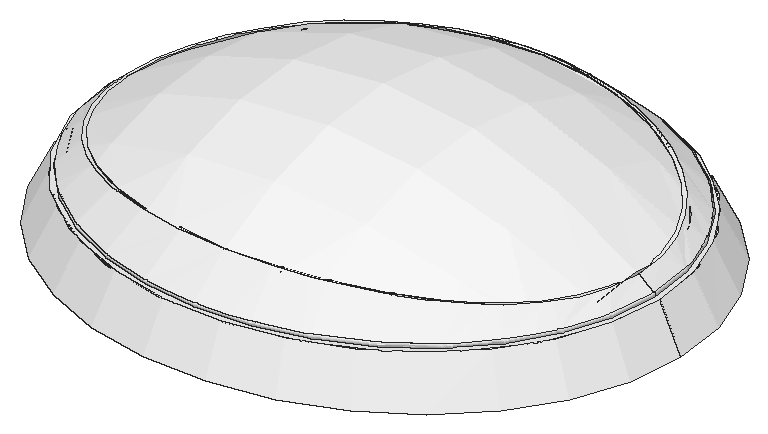
Revit family "4063806 Feilo Sylvania Lighting Fixtures BRIO IP65VR LED 3K EM SIL  G2", category Lighting Fixtures, host Face, Revit 2017
Family settings
  Host = Face
  Round Connector Dimension = Use Diameter
  Part Type = Normal
  OmniClass Number = 23.80.70.00
  OmniClass Title = Lighting
  Cut with Voids When Loaded = No
  Light Source = Yes
  Shared = No
  Room Calculation Point = No
Parameters (values of type "4063806 BRIO IP65VR LED 3K EM SIL  G2 High Output High Output")
  Weight = "3.2 kg"
  Wattage Comments = "n/a"
  Wattage = 19 W
  WarrantyStartDate [instance] = "n/a"
  WarrantyGuarantorParts = "n/a"
  WarrantyDurationUnit = "n/a"
  WarrantyDurationParts = "n/a"
  WarrantyDescription = "n/a"
  built-in parameter 1150110 = 1 (stored number, unit not read)
  Voltage = 230 V
  URL = "http://www.sylvania-lighting.com"
  TypeName = "BRIO IP65VR LED 3K EM SIL  G2"
  Type Image = <None>
  Type Comments = "n/a"
  built-in parameter 1114217 = 1 (stored number, unit not read)
  Tilt Angle = -90.00°
  built-in parameter 1150109 = 1 (stored number, unit not read)
  built-in parameter 1150134 = (empty or 0)
  built-in parameter 1150113 = 1 (stored number, unit not read)
  SerialNumber [instance] = "n/a"
  ReflectorMaterial = none
  PowerFactor = 0.98
  PowerConsumption = "19 W"
  Photometric Web File = "4063806-EM.ies"
  NominalLength = 104 mm
  NominalHeight = 440 mm
  NominalDepth = 390 mm
  Name = "BRIO IP65VR LED 3K EM SIL  G2"
  ModelReference = Name  # "BRIO IP65VR LED 3K EM SIL  G2"
  ModelNumber = "4063806"
  Model = Name  # "BRIO IP65VR LED 3K EM SIL  G2"
  Material = "aluminium body, polycarbonate diffuser"
  ManufacturerName = "Feilo Sylvania"
  Manufacturer = "Feilo Sylvania"
  LuminousEfficacy = "67 lm/W"
  built-in parameter 1150105 = 101.3 (stored number, unit not read)
  Lumens = 1273 lm
  LuminaireType = ""
  built-in parameter 1150115 = 1 (stored number, unit not read)
  LightOutputRatio = "100"
  built-in parameter 1150137 = (empty or 0)
  built-in parameter 1150139 = (empty or 0)
  LampsType = Lamp  # "LED"
  LampNominalLuminous = "1266 lm"
  LampMacAdamStep = "n/a"
  LampColourTemperature = "3000 K"
  LampColourRenderingIndex = "80"
  built-in parameter 1150112 = 1 (stored number, unit not read)
  built-in parameter 1150114 = 1 (stored number, unit not read)
  Lamp = "LED"
  Keynote = "16500"
  InstallationDate [instance] = "n/a"
  InputVoltage = "230-240V~"
  InputNominalFrequency = "50/60 Hz"
  built-in parameter 1150132 = (empty or 0)
  built-in parameter 1150102 = (empty or 0)
  built-in parameter 1150107 = 3000 (stored number, unit not read)
  built-in parameter 1150138 = (empty or 0)
  IngressProtection = "IP65"
  ImpactProtectionIndex = "IK10"
  built-in parameter 1150106 = 1.013 (stored number, unit not read)
  IfcExportType = "IfcLightFixtureType"
  IfcExportAs = "IfcLightFixtureType"
  ExpectedLife = 50000
  Emit from Circle Diameter = 300 mm
  Emit Shape Visible in Rendering = no
  ElectricShockClassification = "Class I"
  built-in parameter 1150104 = 6.2245 (stored number, unit not read)
  DurationUnit = "hours"
  DocumentationLiterature = "http://www.sylvania-lighting.com/product/en-int/products/4063806"
  DimmingControlOptions = "n/a"
  Dimming Lamp Color Temperature Shift = <None>
  DiffuserMaterial = Diffuser-Sylvania-BrioIP65VR-Opal
  Description = "Led exterior bulkhead, Unique feature allowing a choice between High Output or High Efficiency with the flick of a switch, die-cast aluminium body,  vandal resistant, 665/1266LM, 9/17W, 74/74lm/W, 3000K, Driver Current: 350/750mA, CRI80, Non dimmable, Emergency, IP55,IK10, 50,000hrs (L70), (HxWxD) 358 x 408 x 104mm,  3.2kg, 3 step MacAdam ellipse,  RAL 9006, Class 1, 230V,  energy class: A++, A+, A"
  Default Elevation = 1219.2 mm
  CreatedOn = "23/11/2017"
  CreatedBy = ""
  Cost = 0
  Color Filter = 16777215
  built-in parameter 1114216 [instance] = (empty or 0)
  ClassificationValue = "EF_70_80"
  ClassificationName = "Uniclass2015"
  BodyMaterial = Body-Sylvania-BrioIP65VR-Silver
  BarCode [instance] = "n/a"
  built-in parameter 1114218 = 1 (stored number, unit not read)
  built-in parameter 1150133 = 10 (stored number, unit not read)
  AssetType = "Fixed"
  AssetIdentifier [instance] = "n/a"
  Assembly Code = "D5020200"
  Apparent Load = 19 VA
  AccessoryMaterial = none
Types (2, lengths in mm): name | Wattage | PowerConsumption | built-in parameter 1150105 | Lumens | LampNominalLuminous | built-in parameter 1150106 | Apparent Load
  4063806 BRIO IP65VR LED 3K EM SIL  G2 High Output High Output | 19 W | "19 W" | 101.3 (stored number, unit not read) | 1273 lm | "1266 lm" | 1.013 (stored number, unit not read) | 19 VA
  4063806 BRIO IP65VR LED 3K EM SIL  G2 High Efficiency High Efficiency | 11 W | "11 W" | 58.649 (stored number, unit not read) | 737 lm | "665 lm" | 0.58649 (stored number, unit not read) | 11 VA
Reference planes
  plane 1 "Center (Front/Back)": y = 0
  plane 2: z = 0
  plane 3 "Center (Left/Right)": x = 0
  plane 4: x = 220
  plane 5: x = -220
  plane 6: y = 195
  plane 7: y = -195
  plane 8: z = 104
  plane 9: z = 32.5
  plane 10: z = 60
  plane 11: x = -172.7
  plane 12: x = -203.7
  plane 13: z = 45
  plane 14: y = -147.7
  plane 15: y = 147.7
  plane 16: z = 58.9
  plane 17: y = 146.8
  plane 18: y = -146.8
  plane 19: y = -148.7
  plane 20: y = 148.7
  plane 21: x = -193.7
Forms (mm)
  Blend 1, solid, material "Body-Sylvania-BrioIP65VR-Silver" <- "BodyMaterial"
    base sketch origin (0, 0, 0) x (1, 0, 0) y (0, 1, 0)
      loop
        spline (-220, 0) -> (-212.504, -50.47) -> (-190.526, -97.5) -> (-155.563, -137.886) -> (-110, -168.875) -> (-56.94, -188.356) -> (0, -195) -> (56.94, -188.356) -> (110, -168.875) -> (155.563, -137.886) -> (190.526, -97.5) -> (212.504, -50.47) -> (220, 0)
        spline (220, 0) -> (212.504, 50.47) -> (190.526, 97.5) -> (155.563, 137.886) -> (110, 168.875) -> (56.94, 188.356) -> (0, 195) -> (-56.94, 188.356) -> (-110, 168.875) -> (-155.563, 137.886) -> (-190.526, 97.5) -> (-212.504, 50.47) -> (-220, 0)
    top sketch origin (0, 0, 0) x (1, 0, 0) y (0, 1, 0)
      loop
        spline (-203.75, 0) -> (-196.807, -46.329) -> (-176.453, -89.5) -> (-144.073, -126.572) -> (-101.875, -155.019) -> (-52.734, -172.901) -> (0, -179) -> (52.734, -172.901) -> (101.875, -155.019) -> (144.073, -126.572) -> (176.453, -89.5) -> (196.807, -46.329) -> (203.75, 0)
        spline (203.75, 0) -> (196.807, 46.329) -> (176.453, 89.5) -> (144.073, 126.572) -> (101.875, 155.019) -> (52.734, 172.901) -> (0, 179) -> (-52.734, 172.901) -> (-101.875, 155.019) -> (-144.073, 126.572) -> (-176.453, 89.5) -> (-196.807, 46.329) -> (-203.75, 0)
    from 0 to 32.5
  Sweep 2, solid, material "Body-Sylvania-BrioIP65VR-Silver" <- "BodyMaterial"
    path in 3D
      loop
        spline (203.75, 0, 32.5) -> (196.807, -46.329, 32.5) -> (176.453, -89.5, 32.5) -> (144.073, -126.572, 32.5) -> (101.875, -155.019, 32.5) -> (52.734, -172.901, 32.5) -> (0, -179, 32.5) -> (-52.734, -172.901, 32.5) -> (-101.875, -155.019, 32.5) -> (-144.073, -126.572, 32.5) -> (-176.453, -89.5, 32.5) -> (-196.807, -46.329, 32.5) -> (-203.75, 0, 32.5)
        spline (-203.75, 0, 32.5) -> (-196.807, 46.329, 32.5) -> (-176.453, 89.5, 32.5) -> (-144.073, 126.572, 32.5) -> (-101.875, 155.019, 32.5) -> (-52.734, 172.901, 32.5) -> (0, 179, 32.5) -> (52.734, 172.901, 32.5) -> (101.875, 155.019, 32.5) -> (144.073, 126.572, 32.5) -> (176.453, 89.5, 32.5) -> (196.807, 46.329, 32.5) -> (203.75, 0, 32.5)
    profile origin (-203.75, 0, 32.5) x (-1, 0, 0) y (0, 0, 1)
      loop
        line (-31.05, 27.5) -> (-32.113, 26.437) -> (-10.05, 6.897) -> (-10.05, 1.5) -> (-31.05, 1.5) -> (-31.05, 0) -> (-5.172, 0)
        arc (-5.172, 0) -> (-3.338, 1.266) -> (-3.872, 3.429) r 1.961
        line (-3.872, 3.429) -> (-31.05, 27.5)
  Extrusion 3, void
    sketch origin (0, 0, 0) x (0, 1, 0) y (0, 0, 1)
      loop
        arc (-148.7, 60) -> (0, 45) -> (148.7, 60) r 744.556
        line (148.7, 60) -> (-148.7, 60)
    from -220 to 220
  Sweep 4, solid, material "Diffuser-Sylvania-BrioIP65VR-Opal" <- "DiffuserMaterial"
    path in 3D
      loop
        arc (0, 146.8, 58.9) -> (0, 0, 104) -> (0, -146.8, 58.9) r 261.466
    profile origin (0, 0, 104) x (0, 0, -1) y (1, 0, 0)
      loop
        line (59, -187.374) -> (61.459, -185.655)
        arc (61.459, -185.655) -> (3, 0) -> (61.459, 185.655) r 324.034
        line (61.459, 185.655) -> (59, 187.374)
        arc (59, 187.374) -> (0, 0) -> (59, -187.374) r 327.034
  Extrusion 5, void
    sketch origin (0, 0, 0) x (1, 0, 0) y (0, 1, 0)
      loop
        spline (-193.7, 0) -> (-187.1, -38.486) -> (-167.749, -74.35) -> (-136.967, -105.147) -> (-96.85, -128.778) -> (-50.133, -143.633) -> (0, -148.7) -> (50.133, -143.633) -> (96.85, -128.778) -> (136.967, -105.147) -> (167.749, -74.35) -> (187.1, -38.486) -> (193.7, 0)
        spline (193.7, 0) -> (187.1, 38.486) -> (167.749, 74.35) -> (136.967, 105.147) -> (96.85, 128.778) -> (50.133, 143.633) -> (0, 148.7) -> (-50.133, 143.633) -> (-96.85, 128.778) -> (-136.967, 105.147) -> (-167.749, 74.35) -> (-187.1, 38.486) -> (-193.7, 0)
      loop
        line (-203.7, 195) -> (-203.7, -195) -> (220, -195) -> (220, 195) -> (-203.7, 195)
    from 0 to 60
Cuts and joins
  Extrusion 3 cuts Sweep 2
  Extrusion 5 cuts Sweep 4
Lines and regions (mm)
  sketch lines
    curve 1: spline (-203.75, 0, 32.5) -> (-196.807, 46.329, 32.5) -> (-176.453, 89.5, 32.5) -> (-144.073, 126.572, 32.5) -> (-101.875, 155.019, 32.5) -> (-52.734, 172.901, 32.5) -> (0, 179, 32.5) -> (52.734, 172.901, 32.5) -> (101.875, 155.019, 32.5) -> (144.073, 126.572, 32.5) -> (176.453, 89.5, 32.5) -> (196.807, 46.329, 32.5) -> (203.75, 0, 32.5)
    curve 2: spline (203.75, 0, 32.5) -> (196.807, -46.329, 32.5) -> (176.453, -89.5, 32.5) -> (144.073, -126.572, 32.5) -> (101.875, -155.019, 32.5) -> (52.734, -172.901, 32.5) -> (0, -179, 32.5) -> (-52.734, -172.901, 32.5) -> (-101.875, -155.019, 32.5) -> (-144.073, -126.572, 32.5) -> (-176.453, -89.5, 32.5) -> (-196.807, -46.329, 32.5) -> (-203.75, 0, 32.5)
    curve 4: arc (0, 146.8, 58.9) -> (0, 0, 104) -> (0, -146.8, 58.9) r 261.466
  reference lines
    curve 3: arc (0, 146.8, 58.9) -> (0, 0, 104) -> (0, -146.8, 58.9) r 261.466
Dimensions and locks
  equal spacing: plane 5, plane 3 "Center (Left/Right)", plane 4
  locked: plane 5 to plane 4 at 440
  equal spacing: plane 7, plane 1 "Center (Front/Back)", plane 6
  locked: plane 7 to plane 6 at 390
  locked: plane 8 to plane 2 at 104
  plane 9 to plane 2 = 32.5 mm
  locked: Blend 1 sketch curve to Blend 1 sketch curve at 195
  locked: Blend 1 sketch curve to Blend 1 sketch curve at 220
  locked: Blend 1 sketch curve to Blend 1 sketch curve at 203.75
  locked: Blend 1 sketch curve to Blend 1 sketch curve at 179
  locked: plane 10 to plane 9 at 27.5
  locked: plane 12 to plane 5 at 16.3
  locked: plane 11 to plane 5 at 47.3
  locked: plane 10 to plane 13 at 15
  equal spacing: plane 14, plane 1 "Center (Front/Back)", plane 15
  locked: plane 7 to plane 14 at 47.3
  locked: Sweep 2 sketch curve to Sweep 2 sketch curve at 1.5
  locked: Sweep 2 sketch curve to plane 9 at 1.5
  locked: plane 16 to plane 10 at 1.1
  equal spacing: plane 18, plane 1 "Center (Front/Back)", plane 17
  locked: plane 14 to plane 18 at 0.9
  locked: plane 2 to curve 3 at 157.466
  equal spacing: plane 19, plane 1 "Center (Front/Back)", plane 20
  locked: plane 19 to plane 14 at 1
  locked: Extrusion 3 sketch curve to plane 2 at 789.556
  locked: plane 21 to plane 12 at 10
  aligned and locked: plane 2 to host face
  aligned and locked: level to host face
  aligned and locked: plane 3 "Center (Left/Right)" to Blend 1 sketch curve  (x2)
  aligned and locked: plane 1 "Center (Front/Back)" to Blend 1 sketch curve  (x4)
  aligned and locked: Blend 1 to plane 9
  aligned and locked: Sweep 2 sketch curve to profile plane
  aligned and locked: plane 4 to Extrusion 3
  aligned and locked: plane 10 to Sweep 2 sketch curve
  aligned and locked: plane 17 to curve 3
  aligned and locked: plane 16 to curve 3  (x2)
  aligned and locked: plane 18 to curve 3
  aligned and locked: plane 13 to Sweep 4 sketch curve
  aligned and locked: plane 10 to Extrusion 3 sketch curve
  aligned and locked: plane 20 to Extrusion 3 sketch curve
  aligned and locked: plane 19 to Extrusion 3 sketch curve
  aligned and locked: plane 1 "Center (Front/Back)" to Extrusion 3 sketch curve
  aligned and locked: Extrusion 3 to plane 5
  aligned and locked: imposter light to plane 8
  aligned and locked: plane 3 "Center (Left/Right)" to imposter light
  aligned and locked: imposter light to plane 1 "Center (Front/Back)"
  aligned and locked: plane 21 to Sweep 2 sketch curve
  aligned and locked: Sweep 2 sketch curve to plane 21
  aligned and locked: plane 3 "Center (Left/Right)" to Extrusion 5 sketch curve
  aligned and locked: plane 1 "Center (Front/Back)" to Extrusion 5 sketch curve  (x2)
  aligned and locked: plane 6 to Extrusion 5 sketch curve
  aligned and locked: Extrusion 5 sketch curve to plane 7
  aligned and locked: Extrusion 5 sketch curve to plane 4
  aligned and locked: plane 12 to Extrusion 5 sketch curve
  aligned and locked: Extrusion 5 to level
  aligned and locked: Extrusion 5 to plane 10
Automatic sketch dimensions
  host sketch curve to host sketch curve = 2438.4 mm  (x2)
  Sweep 4 sketch curve to Sweep 4 sketch curve = 0 mm  (x2)
  Sweep 4 sketch curve to profile plane = 0 mm
  Sweep 4 sketch curve to Sweep 4 sketch curve = 2.459 mm  (x2)
  Sweep 4 sketch curve to Sweep 4 sketch curve = 265.575 mm
  Sweep 4 sketch curve to profile plane = 185.655 mm
  Sweep 4 sketch curve to Sweep 4 sketch curve = 1.719 mm
  Sweep 4 sketch curve to profile plane = 59 mm
  Sweep 2 sketch curve to Sweep 2 sketch curve = 21 mm
  Sweep 2 sketch curve to Sweep 2 sketch curve = 0 mm
  profile plane to Sweep 2 sketch curve = 26.437 mm
  Sweep 2 sketch curve to Sweep 2 sketch curve = 1.063 mm
  profile plane to Sweep 2 sketch curve = 1.961 mm
  profile plane to Sweep 2 sketch curve = 3.429 mm
  Extrusion 5 sketch curve to plane 21 = 0 mm
Connectors
  electrical at (0, 0, 0), driven by "Apparent Load", driven by "PowerFactor", driven by "Voltage"
    settings: index 1, voltage 230 V, apparent load 19 VA, apparent load phase1 0 VA, apparent load phase2 0 VA, apparent load phase3 0 VA, power factor 0.98, load classification "Lighting", number of poles 1, system type 30, power factor state 1, is connector primary yes, connector utility no, sub classification motor no, connector description ""
